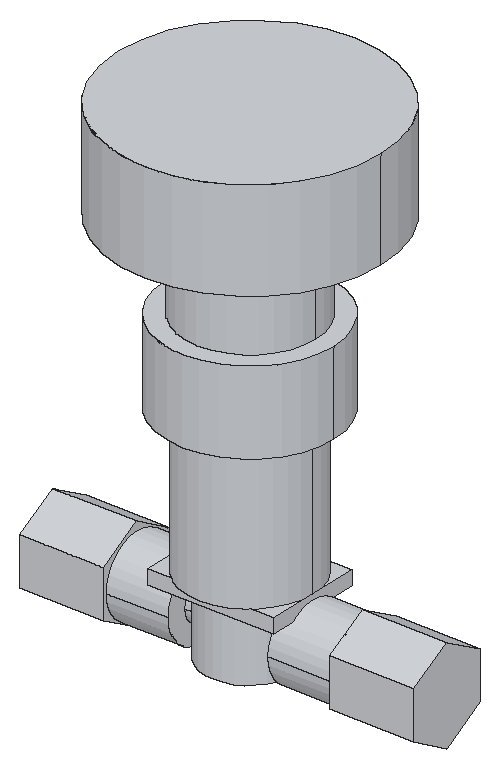
Revit family "304_Cim787 DP-_", category Pipe Accessories, Revit 2017
Family settings
  Round Connector Dimension = Use Diameter
  Part Type = Valve - Breaks Into
  Work Plane-Based = No
  Always vertical = Yes
  Cut with Voids When Loaded = No
  Shared = No
Parameters (values of type "Cim787 DP-15")
  magi_piping_given_dp [instance] = 0.0 Pa
  magiProductId = "Cim787 DP-15"
  magiProductFamilyId = "Cim787 DP-*"
  magiProductCode = "Cim787 DP-15"
  magiPartTypeId = 304
  ang2D [instance] = 0.00°
  WW1 = 9.375 mm
  W2D = 15 mm
  VersionID = "2.0/2015.11/CIMBERIO_CIM787DP_Q13_001"
  Use Minimum Symbol Size [instance] = yes
  URL = "www.cimberio.it"
  R1 = 9 mm
  R = 7.5 mm
  QmdConnectorList = "301;D;302;D"
  Productdata [instance] = "© Progman Oy, all rights reserved"
  Manufacturer = "Cimberio"
  MC_Default_elevation = 0 mm
  LL4 = 12 mm
  LL3__ve = -LL3  # -1.625 mm
  LL3 = 1.625 mm
  LL2__ve = -LL2  # -12 mm
  LL2 = 12 mm
  LL1 = 37.5 mm
  L2D_Min = 3048 mm
  L2D = 75 mm
  HH7 = 19 mm
  HH6 = 17 mm
  HH5 = 15.84 mm
  HH4 = 27.82 mm
  HH3 = 2.64 mm
  HH2 = 12.3 mm
  HH1 = 6.6 mm
  F = 50 mm
  Description = "BALANCING VALVE - VARIABLE ORIFICE - PN 25"
  DL__ve = -DL  # -16 mm
  DL = 16 mm
  DD4 = 25 mm
  DD3 = 32 mm
  DD2 = 24 mm
  DD1 = 17.25 mm
  D = 15 mm
  CenSd_R1_6 = R1 * cos(30.00°)  # 7.794 mm
  CAT0 = yes
Types (6, lengths in mm): name | magiProductId | magiProductCode | WW1 | W2D | R1 | R | LL4 | LL3__ve | LL3 | LL2__ve | LL2 | LL1 | L2D | HH5 | HH4 | HH3 | HH2 | HH1 | DL__ve | DL | DD2 | DD1 | D | CenSd_R1_6
  Cim787 DP-15 | "Cim787 DP-15" | "Cim787 DP-15" | 9.375 | 15 | 9 | 7.5 | 12 | -1.625 | 1.625 | -12 | 12 | 37.5 | 75 | 15.84 | 27.82 | 2.64 | 12.3 | 6.6 | -16 | 16 | 24 | 17.25 | 15 | 7.794
  Cim787 DP-50 | "Cim787 DP-50" | "Cim787 DP-50" | 15.5 | 50 | 30 | 25 | 19.84 | -3.14 | 3.14 | -19.84 | 19.84 | 62 | 124 | 18 | 24 | 3 | 41 | 22 | -26 | 26 | 39.68 | 28.52 | 50 | 25.981
  Cim787 DP-40 | "Cim787 DP-40" | "Cim787 DP-40" | 14.375 | 40 | 24 | 20 | 18.4 | -4.025 | 4.025 | -18.4 | 18.4 | 57.5 | 115 | 17.82 | 27.01 | 2.97 | 32.8 | 17.6 | -23 | 23 | 36.8 | 26.45 | 40 | 20.785
  Cim787 DP-32 | "Cim787 DP-32" | "Cim787 DP-32" | 13.5 | 32 | 19.2 | 16 | 17.28 | -3.38 | 3.38 | -17.28 | 17.28 | 54 | 108 | 17.82 | 30.05 | 2.97 | 26.24 | 14.08 | -22 | 22 | 34.56 | 24.84 | 32 | 16.628
  Cim787 DP-25 | "Cim787 DP-25" | "Cim787 DP-25" | 10.875 | 25 | 15 | 12.5 | 13.92 | -0.555 | 0.555 | -13.92 | 13.92 | 43.5 | 87 | 16.56 | 27.18 | 2.76 | 20.5 | 11 | -21 | 21 | 27.84 | 20.01 | 25 | 12.99
  Cim787 DP-20 | "Cim787 DP-20" | "Cim787 DP-20" | 10 | 20 | 12 | 10 | 12.8 | -0.2 | 0.2 | -12.8 | 12.8 | 40 | 80 | 16.2 | 27.5 | 2.7 | 16.4 | 8.8 | -19 | 19 | 25.6 | 18.4 | 20 | 10.392
Reference planes
  plane 1 "Center (Front/Back)": y = 0
  plane 2 "XYPLANE": z = 0
  plane 3 "Center (Left/Right)": x = 0
  plane 4 "INIT_TEMP": y = 100
  plane 5 "144": x = 0
  plane 6 "143": y = 0
  plane 7 "142": z = 0
  plane 8 "141": x = -37.5
  plane 9 "140": x = 37.5
  plane 10 "139": x = -21.5
  plane 11 "138": x = 21.5
  plane 12 "137": x = -9.5
  plane 13 "136": x = 9.5
  plane 14 "135": z = -6.6
  plane 15 "134": z = 5.7
  plane 16 "133": x = 12
  plane 17 "132": x = -12
  plane 18 "131": y = 9.375
  plane 19 "130": y = -9.375
  plane 20 "129": z = 8.34
  plane 21 "128": z = 36.16
  plane 22 "127": z = 52
  plane 23 "126": z = 69
Forms (mm)
  Extrusion 1, solid, visible <- "CAT0"
    sketch origin (-37.5, -750, 0) x (0, 1, 0) y (0, 0, 1)
      loop
        line (750, 9) -> (742.206, 4.5) -> (742.206, -4.5) -> (750, -9) -> (757.794, -4.5) -> (757.794, 4.5) -> (750, 9)
    from 0 to 16 <- "DL"
  Extrusion 2, solid, visible <- "CAT0"
    sketch origin (37.5, -750, 0) x (0, 1, 0) y (0, 0, 1)
      loop
        line (750, 9) -> (742.206, 4.5) -> (742.206, -4.5) -> (750, -9) -> (757.794, -4.5) -> (757.794, 4.5) -> (750, 9)
    from 0 to -16 <- "DL__ve"
  Extrusion 3, solid, visible <- "CAT0"
    sketch origin (-21.5, -750, 0) x (0, 1, 0) y (0, 0, 1)
      loop
        circle (750, 0) r 7.5
    from 0 to 12 <- "LL2"
  Extrusion 4, solid, visible <- "CAT0"
    sketch origin (21.5, -750, 0) x (0, 1, 0) y (0, 0, 1)
      loop
        circle (750, 0) r 7.5
    from 0 to -12 <- "LL2__ve"
  Extrusion 5, solid, visible <- "CAT0"
    sketch origin (-9.5, -750, 0) x (0, 1, 0) y (0, 0, 1)
      loop
        circle (750, 0) r 3.75
    from 0 to 1.625 <- "LL3"
  Extrusion 6, solid, visible <- "CAT0"
    sketch origin (9.5, -750, 0) x (0, 1, 0) y (0, 0, 1)
      loop
        circle (750, 0) r 3.75
    from 0 to -1.625 <- "LL3__ve"
  Extrusion 7, solid, visible <- "CAT0"
    sketch origin (-750, 0, 5.7) x (1, 0, 0) y (0, 1, 0)
      loop
        line (738, 9.375) -> (738, -9.375) -> (762, -9.375) -> (762, 9.375) -> (738, 9.375)
    from 0 to 2.64 <- "HH3"
  Extrusion 8, solid, visible <- "CAT0"
    sketch origin (-750, 0, -6.6) x (1, 0, 0) y (0, 1, 0)
      loop
        circle (750, 0) r 8.625
    from 0 to 12.3 <- "HH2"
  Extrusion 9, solid, visible <- "CAT0"
    sketch origin (-750, 0, 8.34) x (1, 0, 0) y (0, 1, 0)
      loop
        circle (750, 0) r 12
    from 0 to 27.82 <- "HH4"
  Extrusion 10, solid, visible <- "CAT0"
    sketch origin (-750, 0, 36.16) x (1, 0, 0) y (0, 1, 0)
      loop
        circle (750, 0) r 16
    from 0 to 15.84 <- "HH5"
  Extrusion 11, solid, visible <- "CAT0"
    sketch origin (-750, 0, 52) x (1, 0, 0) y (0, 1, 0)
      loop
        circle (750, 0) r 12.5
    from 0 to 17 <- "HH6"
  Extrusion 12, solid, visible <- "CAT0"
    sketch origin (-750, 0, 69) x (1, 0, 0) y (0, 1, 0)
      loop
        circle (750, 0) r 25
    from 0 to 19 <- "HH7"
  Extrusion 13, solid, not visible
    sketch origin (37.5, -750, 0) x (0, 1, 0) y (0, 0, 1)
      loop
        circle (750, 0) r 10
    from 0 to -10
  Extrusion 14, solid, not visible
    sketch origin (-37.5, -750, 0) x (0, 1, 0) y (0, 0, 1)
      loop
        circle (750, 0) r 10
    from 0 to 10
Lines and regions (mm)
  reference lines
    curve 1: circle (-37.5, 0, 0) r 1 normal (1, 0, 0)
    curve 2: circle (37.5, 0, 0) r 1 normal (-1, 0, 0)
Text (mm)
  text "© Progman Oy, all rights reserved" at (-472.209, -2482.653, 0), in view "Ref. Level"
Dimensions and locks
  plane 4 "INIT_TEMP" to plane 1 "Center (Front/Back)" = 100 mm
  locked: plane 3 "Center (Left/Right)" to plane 5 "144"
  locked: plane 1 "Center (Front/Back)" to plane 6 "143"
  locked: plane 2 "XYPLANE" to plane 7 "142"
  "LL1": plane 3 "Center (Left/Right)" to plane 8 "141"
  "LL1": plane 3 "Center (Left/Right)" to plane 9 "140"
  "DL": plane 8 "141" to plane 10 "139"
  "DL": plane 9 "140" to plane 11 "138"
  "LL2": plane 10 "139" to plane 12 "137"
  "LL2": plane 11 "138" to plane 13 "136"
  "HH1": plane 2 "XYPLANE" to plane 14 "135"
  "HH2": plane 14 "135" to plane 15 "134"
  "LL4": plane 3 "Center (Left/Right)" to plane 16 "133"
  "LL4": plane 3 "Center (Left/Right)" to plane 17 "132"
  "WW1": plane 1 "Center (Front/Back)" to plane 18 "131"
  "WW1": plane 1 "Center (Front/Back)" to plane 19 "130"
  "HH3": plane 15 "134" to plane 20 "129"
  "HH4": plane 20 "129" to plane 21 "128"
  "HH5": plane 21 "128" to plane 22 "127"
  "HH6": plane 22 "127" to plane 23 "126"
  "CenSd_R1_6": curve 1 to Extrusion 1 sketch curve  (x6)
  "R1": curve 1 to Extrusion 1 sketch curve  (x6)
  "CenSd_R1_6": curve 2 to Extrusion 2 sketch curve  (x6)
  "R1": curve 2 to Extrusion 2 sketch curve  (x6)
  "R": radius of Extrusion 3 sketch curve
  "R": radius of Extrusion 4 sketch curve
  "R": diameter of Extrusion 5 sketch curve
  "R": diameter of Extrusion 6 sketch curve
  "DD1": diameter of Extrusion 8 sketch curve
  "DD2": diameter of Extrusion 9 sketch curve
  "DD3": diameter of Extrusion 10 sketch curve
  "DD4": diameter of Extrusion 11 sketch curve
  "F": diameter of Extrusion 12 sketch curve
  aligned and locked: level to plane 2 "XYPLANE"
  aligned and locked: curve 1 to plane 6 "143"
  aligned and locked: plane 7 "142" to curve 1
  aligned and locked: curve 2 to plane 6 "143"
  aligned and locked: plane 7 "142" to curve 2
  aligned and locked: Extrusion 3 sketch curve to plane 6 "143"
  aligned and locked: plane 7 "142" to Extrusion 3 sketch curve
  aligned and locked: Extrusion 4 sketch curve to plane 6 "143"
  aligned and locked: plane 7 "142" to Extrusion 4 sketch curve
  aligned and locked: Extrusion 5 sketch curve to plane 6 "143"
  aligned and locked: plane 7 "142" to Extrusion 5 sketch curve
  aligned and locked: Extrusion 6 sketch curve to plane 6 "143"
  aligned and locked: plane 7 "142" to Extrusion 6 sketch curve
  aligned and locked: Extrusion 7 sketch curve to plane 18 "131"
  aligned and locked: plane 17 "132" to Extrusion 7 sketch curve  (x2)
  aligned and locked: plane 16 "133" to Extrusion 7 sketch curve  (x2)
  aligned and locked: plane 18 "131" to Extrusion 7 sketch curve
  aligned and locked: plane 19 "130" to Extrusion 7 sketch curve  (x2)
  aligned and locked: plane 5 "144" to Extrusion 8 sketch curve
  aligned and locked: plane 6 "143" to Extrusion 8 sketch curve
  aligned and locked: plane 5 "144" to Extrusion 9 sketch curve
  aligned and locked: plane 6 "143" to Extrusion 9 sketch curve
  aligned and locked: plane 5 "144" to Extrusion 10 sketch curve
  aligned and locked: plane 6 "143" to Extrusion 10 sketch curve
  aligned and locked: plane 5 "144" to Extrusion 11 sketch curve
  aligned and locked: plane 6 "143" to Extrusion 11 sketch curve
  aligned and locked: plane 5 "144" to Extrusion 12 sketch curve
  aligned and locked: plane 6 "143" to Extrusion 12 sketch curve
  aligned and locked: Extrusion 13 sketch curve to plane 6 "143"
  aligned and locked: plane 7 "142" to Extrusion 13 sketch curve
  aligned and locked: Extrusion 14 sketch curve to plane 6 "143"
  aligned and locked: plane 7 "142" to Extrusion 14 sketch curve
Automatic sketch dimensions
  Extrusion 13 sketch curve to plane 19 "130" = 0.625 mm
  Extrusion 14 sketch curve to plane 19 "130" = 0.625 mm
  radius of curve 1 = 1 mm
  radius of curve 2 = 1 mm
Connectors
  piping at (-37.5, 0, 0), diameter 15, driven by "D"
    settings: on Extrusion 14, index 1, connector inside diameter 609.6 mm, connector length 0 mm, flow factor 0, pipe flow 0.0 L/s, pressure drop 0.0 Pa, fitting loss kfactor 0, connector angle 0.00°, fixture units 0, engagement length 0 mm, angle of deflection 0.00°, flow configuration 0, flow direction 0, fitting loss method 0, system type 29, joint type 0, gender type 0, connector reference index 2, connector utility 0, adjustable connector no, is connector primary yes, connector description ""
  piping at (37.5, 0, 0), diameter 15, driven by "D"
    settings: on Extrusion 13, index 2, connector inside diameter 609.6 mm, connector length 0 mm, flow factor 0, pipe flow 0.0 L/s, pressure drop 0.0 Pa, fitting loss kfactor 0, connector angle 0.00°, fixture units 0, engagement length 0 mm, angle of deflection 0.00°, flow configuration 0, flow direction 0, fitting loss method 0, system type 29, joint type 0, gender type 0, connector reference index 1, connector utility 0, adjustable connector no, is connector primary no, connector description ""
